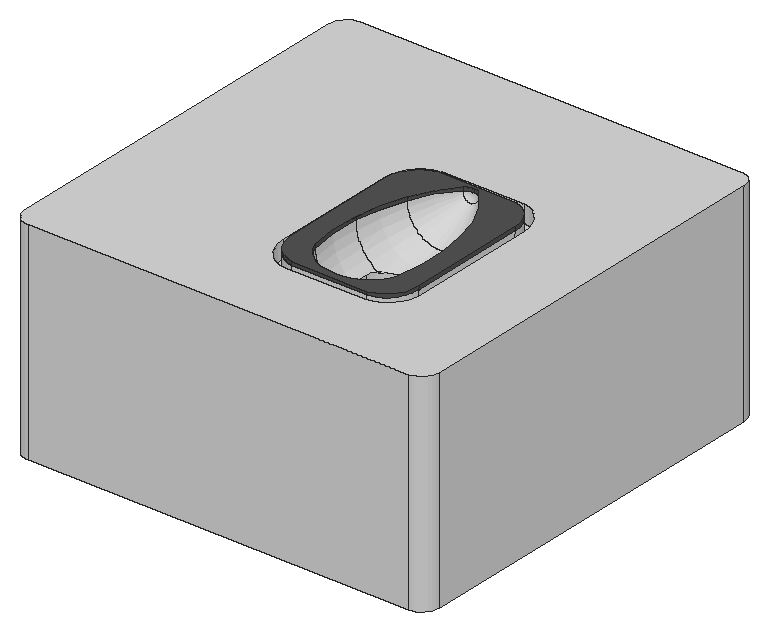
Revit family "STS-715К Сканер отпечатка пальца_RV17_LOD400 (07.12.23)", category Датчики, Revit 2017
Family settings
  Сохранять ориентацию аннотаций = Нет
  Размер круглого соединителя = Использовать диаметр
  Тип детали = Нормальный
  На основе рабочей плоскости = Да
  Всегда вертикально = Нет
  При загрузке вырезать с полостями = Нет
  Общий = Нет
  Точка расчета площади = Нет
Parameters (values of type "STS-715К")
  Управление внешними устройствами = "1 выход открытый коллектор до 100мА"
  Точность распознавания отпечатков пальцев = "FAR-10-6, FRR-10-2"
  Стандарт интерфейса связи = "Ethernet"
  Смещение_УГО_Y [instance] = 0 mm
  Смещение_УГО_X [instance] = 0 mm
  Скорость коммуникации Ethernet, Мбит/с = 10
  Разрешающая способность изображения, пикс. / dpi = "480x320 / 500"
  Размер графического файла отпечатка пальца, кБ = 150
  Раздел проекта [instance] = ""
  Раздел Спецификации [instance] = ""
  Потребляемый ток (без дополнительных внешних потребителей), не более, А = 0.2 A
  Подключение устройств = "1 вход TTL"
  Default Elevation = 1219.2 mm
  Напряжение = "12"
  Источник освещения = "инфракрасный светодиод"
  Диапазон рабочих температур, ºС = "от -40 до +50"
  Видимость_УГО [instance] = yes
  В_Смещение_УГО_Y [instance] = Смещение_УГО_Y + 2000 mm  # 2000 mm
  В_Смещение_УГО_X [instance] = Смещение_УГО_X + 2000 mm  # 2000 mm
  d_короба = 20 mm
  ADSK_Примечание = ""
  ADSK_Наименование = "Сканер отпечатка пальца LAN STS-715К"
  ADSK_Масса = 0.6
  ADSK_Марка = "CТАЕ.431295.021"
  ADSK_Количество = 1
  ADSK_Завод-изготовитель = "ООО «Основа Безопасности»"  # constant formula
  ADSK_Единица измерения = "шт."  # constant formula
  ADSK_URL страницы изделия = "https://stilsoft.ru/products/sts-715k"
  ADSK_URL документации изделия = ""
Reference planes
  plane 1 "По центру (Вперед/Назад)": y = 0
  plane 2: z = 0
  plane 3 "По центру (Влево/Вправо)": x = 0
  plane 4: y = 2000
  plane 5: x = -2000
  plane 6: x = 0
  plane 7: y = 0
  plane 8: x = 61
  plane 9: x = -61
  plane 10: y = 122
  plane 11: z = 62
  plane 12: y = 50.136
  plane 13 "1": x = 14.279
Forms (mm)
  Extrusion 1, solid, material "корпус", detail levels medium+fine
    sketch origin (0, 0, 0) x (1, 0, 0) y (0, 1, 0)
      loop
        arc (-56, 122) -> (-59.536, 120.536) -> (-61, 117) r 5
        line (-61, 117) -> (-61, 5)
        arc (-61, 5) -> (-59.536, 1.464) -> (-56, 0) r 5
        line (-56, 0) -> (56, 0)
        arc (56, 0) -> (59.536, 1.464) -> (61, 5) r 5
        line (61, 5) -> (61, 117)
        arc (61, 117) -> (59.536, 120.536) -> (56, 122) r 5
        line (56, 122) -> (-56, 122)
    from 0 to 62
  Extrusion 2, void
    sketch origin (0, 0, 0) x (1, 0, 0) y (0, 1, 0)
      loop
        arc (26.609, 21) -> (32.624, 24.473) -> (35, 31) r 10.154
        line (35, 31) -> (35, 69)
        arc (35, 69) -> (32.624, 75.527) -> (26.609, 79) r 10.154
        line (26.609, 79) -> (2.391, 79)
        arc (2.391, 79) -> (-3.624, 75.527) -> (-6, 69) r 10.154
        line (-6, 69) -> (-6, 31)
        arc (-6, 31) -> (-3.624, 24.473) -> (2.391, 21) r 10.154
        line (2.391, 21) -> (26.609, 21)
      loop
        arc (25.282, 23.015) -> (30.893, 26.255) -> (33.109, 32.343) r 9.472
        line (33.109, 32.343) -> (33.109, 67.791)
        arc (33.109, 67.791) -> (30.893, 73.879) -> (25.282, 77.119) r 9.472
        line (25.282, 77.119) -> (3.277, 77.119)
        arc (3.277, 77.119) -> (-2.334, 73.879) -> (-4.55, 67.791) r 9.472
        line (-4.55, 67.791) -> (-4.55, 32.343)
        arc (-4.55, 32.343) -> (-2.334, 26.255) -> (3.277, 23.015) r 9.472
        line (3.277, 23.015) -> (25.282, 23.015)
    from 62 to 57
  Revolve 3, void, detail levels medium+fine
    sketch origin (14.279, 0, 0) x (0, 1, 0) y (0, 0, 1)
      loop
        arc (25.053, 62) -> (25.066, 59.548) -> (25.52, 57.138) r 13.55
        arc (25.52, 57.138) -> (28.293, 52.84) -> (32.592, 50.067) r 12.125
        arc (32.592, 50.067) -> (40.665, 48.843) -> (48.83, 48.932) r 50.689
        arc (48.83, 48.932) -> (56.252, 50.123) -> (63.445, 52.306) r 55.544
        arc (63.445, 52.306) -> (69.564, 55.341) -> (74.974, 59.51) r 34.872
        arc (74.974, 59.51) -> (75.752, 60.644) -> (75.988, 62) r 3.229
        line (75.988, 62) -> (75.053, 62) -> (25.053, 62)
      axis (25.053, 62) -> (75.988, 62)
    angle from -90 to 90
  Extrusion 4, void, detail levels medium+fine
    sketch origin (0, 0, 0) x (1, 0, 0) y (0, 1, 0)
      loop
        line (21.564, 37.803) -> (21.564, 45.383)
        arc (21.564, 45.383) -> (14.279, 52.667) -> (6.995, 45.383) r 7.284
        line (6.995, 45.383) -> (6.995, 37.803)
        arc (6.995, 37.803) -> (14.279, 30.519) -> (21.564, 37.803) r 7.284
    from 57 to 30
  Extrusion 5, solid, material "Стекло", detail levels medium+fine
    sketch origin (0, 0, 0) x (1, 0, 0) y (0, 1, 0)
      loop
        line (6.995, 45.383) -> (6.995, 37.803)
        arc (6.995, 37.803) -> (14.279, 30.519) -> (21.564, 37.803) r 7.284
        line (21.564, 37.803) -> (21.564, 45.383)
        arc (21.564, 45.383) -> (14.279, 52.667) -> (6.995, 45.383) r 7.284
    from 37 to 35
  Extrusion 6, solid, material "корпус(1)", detail levels medium+fine
    sketch origin (0, 0, 0) x (1, 0, 0) y (0, 1, 0)
      loop
        arc (3.277, 77.119) -> (-2.334, 73.879) -> (-4.55, 67.791) r 9.472
        line (-4.55, 67.791) -> (-4.55, 32.343)
        arc (-4.55, 32.343) -> (-2.334, 26.255) -> (3.277, 23.015) r 9.472
        line (3.277, 23.015) -> (25.282, 23.015)
        arc (25.282, 23.015) -> (30.893, 26.255) -> (33.109, 32.343) r 9.472
        line (33.109, 32.343) -> (33.109, 67.791)
        arc (33.109, 67.791) -> (30.893, 73.879) -> (25.282, 77.119) r 9.472
        line (25.282, 77.119) -> (3.277, 77.119)
      loop
        arc (14.279, 75.988) -> (12.924, 75.752) -> (11.789, 74.974) r 3.229
        arc (11.789, 74.974) -> (7.62, 69.564) -> (4.585, 63.445) r 34.872
        arc (4.585, 63.445) -> (2.403, 56.252) -> (1.211, 48.83) r 55.544
        arc (1.211, 48.83) -> (1.123, 40.665) -> (2.347, 32.592) r 50.689
        arc (2.347, 32.592) -> (5.119, 28.293) -> (9.418, 25.52) r 12.125
        arc (9.418, 25.52) -> (11.827, 25.066) -> (14.279, 25.053) r 13.55
        arc (14.279, 25.053) -> (16.732, 25.066) -> (19.141, 25.52) r 13.55
        arc (19.141, 25.52) -> (23.44, 28.293) -> (26.212, 32.592) r 12.125
        arc (26.212, 32.592) -> (27.436, 40.665) -> (27.348, 48.83) r 50.689
        arc (27.348, 48.83) -> (26.156, 56.252) -> (23.973, 63.445) r 55.544
        arc (23.973, 63.445) -> (20.939, 69.564) -> (16.77, 74.974) r 34.872
        arc (16.77, 74.974) -> (15.635, 75.752) -> (14.279, 75.988) r 3.229
    from 62 to 63
Cuts and joins
  Extrusion 2, Revolve 3, Extrusion 4 cuts Extrusion 1
Dimensions and locks
  locked: plane 4 to plane 1 "По центру (Вперед/Назад)" at 2000
  locked: plane 5 to plane 3 "По центру (Влево/Вправо)" at 2000
  "В_Смещение_УГО_X": plane 5 to plane 6
  "В_Смещение_УГО_Y": plane 4 to plane 7
  plane 9 to plane 8 = 122 mm
  aligned and locked: level to plane 2
  aligned and locked: nested 1 to plane 7
  aligned and locked: plane 6 to nested 1
Automatic sketch dimensions
  Extrusion 1 sketch curve to plane 9 = 0 mm
  plane 1 "По центру (Вперед/Назад)" to Extrusion 1 sketch curve = 0 mm
  Extrusion 1 sketch curve to plane 10 = 0 mm
  Extrusion 1 sketch curve to plane 8 = 0 mm
  Extrusion 1 sketch curve to plane 9 = 5 mm  (x2)
  Extrusion 1 sketch curve to plane 8 = 5 mm
  Extrusion 1 sketch curve to Extrusion 1 sketch curve = 5 mm
  Extrusion 2 sketch curve to plane 3 "По центру (Влево/Вправо)" = 6 mm
  Extrusion 2 sketch curve to Extrusion 2 sketch curve = 1.45 mm
  plane 3 "По центру (Влево/Вправо)" to Extrusion 2 sketch curve = 2.391 mm  (x2)
  Extrusion 2 sketch curve to Extrusion 2 sketch curve = 0.886 mm  (x2)
  plane 3 "По центру (Влево/Вправо)" to Extrusion 2 sketch curve = 4.154 mm  (x2)
  Extrusion 2 sketch curve to Extrusion 2 sketch curve = 0.768 mm  (x2)
  plane 13 "1" to Extrusion 2 sketch curve = 9.358 mm  (x2)
  Extrusion 2 sketch curve to Extrusion 2 sketch curve = 1.209 mm  (x3)
  Extrusion 2 sketch curve to Extrusion 2 sketch curve = 0.436 mm  (x2)
  Extrusion 2 sketch curve to Extrusion 2 sketch curve = 1.327 mm  (x2)
  Extrusion 2 sketch curve to Extrusion 2 sketch curve = 8.263 mm
  Extrusion 2 sketch curve to Extrusion 2 sketch curve = 1.891 mm
  Extrusion 2 sketch curve to plane 1 "По центру (Вперед/Назад)" = 21 mm
  Extrusion 2 sketch curve to Extrusion 2 sketch curve = 2.015 mm
  plane 12 to Extrusion 2 sketch curve = 17.655 mm
  Revolve 3 sketch curve to plane 11 = 0 mm  (x2)
  Revolve 3 sketch curve to plane 11 = 0.587 mm
  Revolve 3 sketch curve to plane 12 = 13.269 mm
  Revolve 3 sketch curve to Revolve 3 sketch curve = 1.687 mm
  Revolve 3 sketch curve to plane 12 = 6.379 mm
  Revolve 3 sketch curve to Revolve 3 sketch curve = 0.443 mm
  plane 12 to Revolve 3 sketch curve = 0.949 mm
  Revolve 3 sketch curve to plane 11 = 0.138 mm
  plane 12 to Revolve 3 sketch curve = 22.626 mm
  Revolve 3 sketch curve to Revolve 3 sketch curve = 2.291 mm
  Revolve 3 sketch curve to Revolve 3 sketch curve = 0.935 mm
  Revolve 3 sketch curve to plane 11 = 1.155 mm
  plane 11 to Revolve 3 sketch curve = 22.914 mm
  Revolve 3 sketch curve to Revolve 3 sketch curve = 14.495 mm
  Revolve 3 sketch curve to Revolve 3 sketch curve = 4.835 mm
  Revolve 3 sketch curve to Revolve 3 sketch curve = 4.275 mm
  Revolve 3 sketch curve to plane 11 = 4.862 mm
  Revolve 3 sketch curve to Revolve 3 sketch curve = 0.468 mm
  Revolve 3 sketch curve to Revolve 3 sketch curve = 0 mm  (x4)
  Extrusion 4 sketch curve to plane 13 "1" = 0 mm
  plane 3 "По центру (Влево/Вправо)" to Extrusion 4 sketch curve = 6.995 mm
  Extrusion 4 sketch curve to plane 12 = 12.333 mm
  Extrusion 4 sketch curve to plane 12 = 4.753 mm
  Extrusion 5 sketch curve to plane 13 "1" = 0 mm
  plane 3 "По центру (Влево/Вправо)" to Extrusion 5 sketch curve = 6.995 mm
  Extrusion 5 sketch curve to plane 12 = 12.333 mm
  Extrusion 5 sketch curve to plane 12 = 4.753 mm
  Extrusion 6 sketch curve to plane 13 "1" = 0 mm  (x2)
  Extrusion 6 sketch curve to plane 13 "1" = 0.138 mm
  Extrusion 6 sketch curve to plane 13 "1" = 0.587 mm
  Extrusion 6 sketch curve to plane 13 "1" = 1.155 mm
  plane 3 "По центру (Влево/Вправо)" to Extrusion 6 sketch curve = 4.922 mm  (x2)
  plane 3 "По центру (Влево/Вправо)" to Extrusion 6 sketch curve = 3.277 mm  (x2)
  Extrusion 6 sketch curve to plane 3 "По центру (Влево/Вправо)" = 4.55 mm
  plane 12 to Extrusion 6 sketch curve = 0.949 mm  (x2)
  Extrusion 6 sketch curve to plane 3 "По центру (Влево/Вправо)" = 8.634 mm
  Extrusion 6 sketch curve to Extrusion 6 sketch curve = 14.495 mm
  Extrusion 6 sketch curve to Extrusion 6 sketch curve = 4.835 mm
  plane 13 "1" to Extrusion 6 sketch curve = 0.138 mm
  plane 13 "1" to Extrusion 6 sketch curve = 0.587 mm
  plane 13 "1" to Extrusion 6 sketch curve = 1.155 mm
  plane 13 "1" to Extrusion 6 sketch curve = 9.358 mm  (x2)
  Extrusion 6 sketch curve to Extrusion 6 sketch curve = 1.645 mm  (x2)
  Extrusion 6 sketch curve to Extrusion 6 sketch curve = 4.084 mm
  Extrusion 6 sketch curve to plane 8 = 9.312 mm
  Extrusion 6 sketch curve to plane 8 = 4.477 mm
  Extrusion 6 sketch curve to plane 12 = 5.935 mm  (x2)
  Extrusion 6 sketch curve to Extrusion 6 sketch curve = 0.443 mm  (x2)
  Extrusion 6 sketch curve to plane 12 = 11.582 mm
  Extrusion 6 sketch curve to Extrusion 6 sketch curve = 0 mm  (x8)
  Extrusion 6 sketch curve to Extrusion 6 sketch curve = 1.687 mm
  Extrusion 6 sketch curve to plane 12 = 17.793 mm
  Extrusion 6 sketch curve to Extrusion 6 sketch curve = 4.971 mm
  Extrusion 6 sketch curve to plane 13 "1" = 2.49 mm
  Extrusion 6 sketch curve to plane 13 "1" = 4.862 mm
  Extrusion 6 sketch curve to Extrusion 6 sketch curve = 0.336 mm
  plane 3 "По центру (Влево/Вправо)" to Extrusion 6 sketch curve = 2.347 mm
  plane 13 "1" to Extrusion 6 sketch curve = 2.49 mm
  plane 13 "1" to Extrusion 6 sketch curve = 4.862 mm
  Extrusion 6 sketch curve to Extrusion 6 sketch curve = 2.575 mm
Nested families
  nested 1: "УГО_Сканер отпечатка пальца" at (0, 0, 0), visible <- "Видимость_УГО", type "УГО_Сканер отпечатка пальца", detail levels coarse
Connectors
  electrical at (0, 61, 0)
    settings: on cut or joined group of Extrusion 1, Extrusion 2, Revolve 3, Extrusion 4, index 1, voltage 0 V, apparent load 0 VA, apparent load phase1 0 VA, apparent load phase2 0 VA, apparent load phase3 0 VA, power factor 1, load classification "Прочее", number of poles 1, system type 14, power factor state 1, is connector primary yes, connector utility no, sub classification motor no, connector description ""
  cabletrayconduit at (0, 61, 0), diameter 20, driven by "d_короба"
    settings: on cut or joined group of Extrusion 1, Extrusion 2, Revolve 3, Extrusion 4, index 2, connector width 300 mm, connector height 300 mm, connector angle 0.00°, system type 32, placement type 0, profile type 0, connector reference index -1, is primary connector yes, connector utility param no, connector description ""
Definition of nested family "УГО_Сканер отпечатка пальца"
  Reference planes
    plane 1: y = 0
    plane 2: x = 0
  Lines and regions (mm)
    Filled region 1, type "Цветовая область 1"
      outline origin (0, 0, 0) x (1, 0, 0) y (0, 1, 0)
        loop
          spline (0, -13.45) -> (0.787, -13.247) -> (1.521, -12.653) -> (2.151, -11.706) -> (2.635, -10.473) -> (2.939, -9.037) -> (3.043, -7.497) -> (2.939, -5.956) -> (2.635, -4.52) -> (2.151, -3.287) -> (1.521, -2.34) -> (0.787, -1.746) -> (0, -1.543)
          spline (0, -1.543) -> (-0.787, -1.746) -> (-1.521, -2.34) -> (-2.151, -3.287) -> (-2.635, -4.52) -> (-2.939, -5.956) -> (-3.043, -7.497) -> (-2.939, -9.037) -> (-2.635, -10.473) -> (-2.151, -11.706) -> (-1.521, -12.653) -> (-0.787, -13.247) -> (0, -13.45)
    detail lines
      curve 1: line (-5, 0, 0) -> (5, 0, 0)
      curve 2: line (5, 0, 0) -> (5, -15, 0)
      curve 3: line (5, -15, 0) -> (-5, -15, 0)
      curve 4: line (-5, -15, 0) -> (-5, 0, 0)
      curve 5: spline (0, -1.543, 0) -> (0.774, -1.745, 0) -> (1.495, -2.337, 0) -> (2.114, -3.28, 0) -> (2.589, -4.508, 0) -> (2.888, -5.938, 0) -> (2.989, -7.473, 0) -> (2.888, -9.008, 0) -> (2.589, -10.438, 0) -> (2.114, -11.666, 0) -> (1.495, -12.608, 0) -> (0.774, -13.201, 0) -> (0, -13.403, 0) -> (-0.774, -13.201, 0) -> (-1.495, -12.608, 0) -> (-2.114, -11.666, 0) -> (-2.589, -10.438, 0) -> (-2.888, -9.008, 0) -> (-2.989, -7.473, 0) -> (-2.888, -5.938, 0) -> (-2.589, -4.508, 0) -> (-2.114, -3.28, 0) -> (-1.495, -2.337, 0) -> (-0.774, -1.745, 0) -> (0, -1.543, 0)
